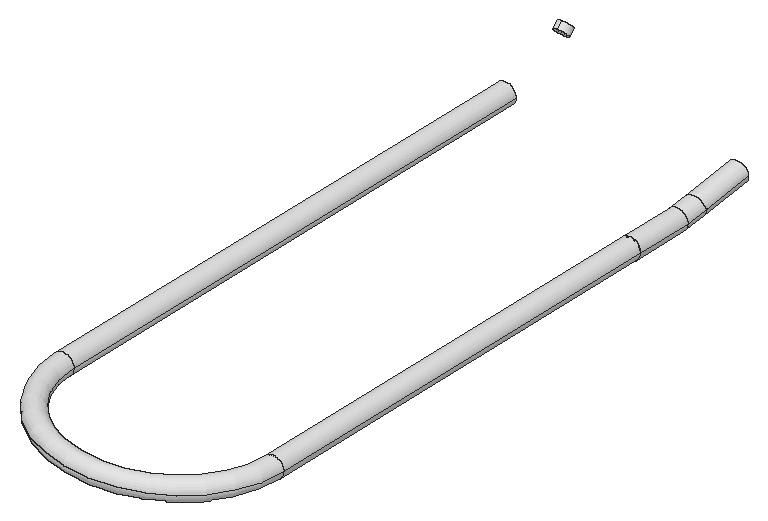
Revit family "Deca_Ducha higiênica com registro_Max_1984.34.ACT", category Plumbing Fixtures, host Face, Revit 2020 (continued)
Lines and regions (m)
  symbolic lines
    curve 445: arc (0, 0.06765, 0.055497) -> (0, 0.060313, 0.057907) -> (0, 0.052931, 0.060175) r 0.4
    curve 446: arc (0, 0.076132, 0.051018) -> (0, 0.072069, 0.053595) -> (0, 0.06765, 0.055497) r 0.03032
    curve 447: arc (-0.013605, 0.01894, 0) -> (-0.0228, 0, 0) -> (-0.012569, -0.018401, 0) r 0.022809
    curve 448: arc (0.012569, -0.018401, 0) -> (0.0228, 0, 0) -> (0.013605, 0.01894, 0) r 0.022809
    curve 449: arc (-0.012569, 0.00866, 0) -> (-0.014914, 0.000633, 0) -> (-0.012569, -0.007395, 0) r 0.014914
    curve 450: arc (0.012569, -0.007395, 0) -> (0.014914, 0.000633, 0) -> (0.012569, 0.00866, 0) r 0.014914
    curve 451: line (-0.011, 0.035392, 0) -> (-0.025, 0.035392, 0)
    curve 452: arc (-0.011, 0.035392, 0) -> (-0.008614, 0.035014, 0) -> (-0.006462, 0.033917, 0) r 0.007721
    curve 453: arc (-0.006462, 0.033917, 0) -> (-0.005409, 0.032703, 0) -> (-0.005, 0.031149, 0) r 0.003549
    curve 454: arc (-0.025, 0.035392, 0) -> (-0.025707, 0.035685, 0) -> (-0.026, 0.036392, 0) r 0.001
    curve 455: line (-0.026, 0.036392, 0) -> (-0.026, 0.045769, 0)
    curve 456: arc (-0.026, 0.045769, 0) -> (-0.025781, 0.046394, 0) -> (-0.025219, 0.046744, 0) r 0.001
    curve 457: arc (-0.025219, 0.046744, 0) -> (-0.017836, 0.048142, 0) -> (-0.010376, 0.049045, 0) r 0.112578
    curve 458: arc (-0.010376, 0.049045, 0) -> (-0.007256, 0.050116, 0) -> (-0.005, 0.052523, 0) r 0.006837
    curve 459: arc (0.026, 0.045769, 0) -> (0.025781, 0.046394, 0) -> (0.025219, 0.046744, 0) r 0.001
    curve 460: arc (0.025219, 0.046744, 0) -> (0.017836, 0.048142, 0) -> (0.010376, 0.049045, 0) r 0.112578
    curve 461: line (-0.005, 0.052523, 0) -> (-0.005, 0.060618, 0)
    curve 462: arc (-0.005, 0.060618, 0) -> (-0.00472, 0.061312, 0) -> (-0.004036, 0.061617, 0) r 0.001
    curve 463: arc (-0.004036, 0.061617, 0) -> (0, 0.06169, 0) -> (0.004036, 0.061617, 0) r 0.112608
    curve 464: arc (0.005, 0.060618, 0) -> (0.00472, 0.061312, 0) -> (0.004036, 0.061617, 0) r 0.001
    curve 465: line (0.005, 0.052523, 0) -> (0.005, 0.060618, 0)
    curve 466: line (0.011, 0.035392, 0) -> (0.025, 0.035392, 0)
    curve 467: arc (0.011, 0.035392, 0) -> (0.008614, 0.035014, 0) -> (0.006462, 0.033917, 0) r 0.007721
    curve 468: arc (0.006462, 0.033917, 0) -> (0.005409, 0.032703, 0) -> (0.005, 0.031149, 0) r 0.003549
    curve 469: arc (0.025, 0.035392, 0) -> (0.025707, 0.035685, 0) -> (0.026, 0.036392, 0) r 0.001
    curve 470: line (-0.005, 0.031149, 0) -> (-0.005, 0.021249, 0)
    curve 471: line (-0.004, 0.020542, 0) -> (0.004, 0.020542, 0)
    curve 472: line (0.005, 0.031149, 0) -> (0.005, 0.021249, 0)
    curve 473: arc (0.004, 0.020542, 0) -> (0.004612, 0.020737, 0) -> (0.005, 0.021249, 0) r 0.001061
    curve 474: arc (-0.004, 0.020542, 0) -> (-0.004612, 0.020737, 0) -> (-0.005, 0.021249, 0) r 0.001061
    curve 475: arc (-0.005, 0.025263, 0) -> (-0.004662, 0.025589, 0) -> (-0.004209, 0.025716, 0) r 0.000957
    curve 476: arc (-0.004215, 0.025716, 0) -> (0.000051, 0.025767, 0) -> (0.004316, 0.025716, 0) r 0.176365
    curve 477: arc (0.005, 0.025263, 0) -> (0.004662, 0.025589, 0) -> (0.004209, 0.025716, 0) r 0.000957
    curve 478: line (0.026, 0.045769, 0) -> (0.026, 0.036392, 0)
    curve 479: arc (0.010376, 0.049045, 0) -> (0.007256, 0.050116, 0) -> (0.005, 0.052523, 0) r 0.006837
    curve 480: arc (-0.008967, 0.035119, 0) -> (-0.012298, 0.0312, 0) -> (-0.014293, 0.026458, 0) r 0.01686
    curve 481: line (-0.014293, 0.026458, 0) -> (-0.014293, 0.020612, 0)
    curve 482: arc (-0.014293, 0.020612, 0) -> (-0.012511, 0.016865, 0) -> (-0.010056, 0.01352, 0) r 0.021941
    curve 483: arc (0.008967, 0.035119, 0) -> (0.012298, 0.0312, 0) -> (0.014293, 0.026458, 0) r 0.01686
    curve 484: line (0.014293, 0.026458, 0) -> (0.014293, 0.020612, 0)
    curve 485: arc (0.014293, 0.020612, 0) -> (0.012511, 0.016865, 0) -> (0.010056, 0.01352, 0) r 0.021941
    curve 486: arc (-0.010056, 0.01352, 0) -> (0, 0.010595, 0) -> (0.010056, 0.01352, 0) r 0.018751
    curve 487: arc (0.012569, 0.009467, 0) -> (-0.00011, 0.002278, 0) -> (-0.012569, 0.009844, 0) r 0.014396
    curve 488: line (-0.012569, 0.016961, 0) -> (-0.012569, -0.021372, 0)
    curve 489: line (-0.012569, -0.021372, 0) -> (0.012569, -0.021372, 0)
    curve 490: line (0.012569, -0.021372, 0) -> (0.012569, 0.016961, 0)
    curve 491: arc (-0.014293, 0.026458, 0) -> (-0.011744, 0.023176, 0) -> (-0.010128, 0.019347, 0) r 0.015968
    curve 492: arc (-0.010128, 0.019347, 0) -> (-0.004683, 0.019028, 0) -> (0.000051, 0.016319, 0) r 0.011932
    curve 493: arc (0.010088, 0.019371, 0) -> (0.004716, 0.019007, 0) -> (0.000051, 0.016319, 0) r 0.011932
    curve 494: arc (0.014272, 0.02655, 0) -> (0.011705, 0.023237, 0) -> (0.010088, 0.019371, 0) r 0.015968
    curve 495: line (0.010088, 0.019371, 0) -> (0.010088, 0.013555, 0)
    curve 496: line (0.000051, 0.016319, 0) -> (0.000051, 0.010595, 0)
    curve 497: line (-0.010128, 0.019347, 0) -> (-0.010056, 0.01352, 0)
    curve 498: line (-0.012336, -0.023482, 0) -> (0.012336, -0.023482, 0)
    curve 499: line (0.012336, -0.023482, 0) -> (0.012336, -0.031887, 0)
    curve 500: line (0.00702, -0.033318, 0) -> (0.012336, -0.031887, 0)
    curve 501: line (-0.007003, -0.033318, 0) -> (-0.012336, -0.031827, 0)
    curve 502: line (-0.012336, -0.031827, 0) -> (-0.012336, -0.023482, 0)
    curve 503: line (-0.010375, -0.021372, 0) -> (-0.010375, -0.023482, 0)
    curve 504: line (0.01037, -0.021372, 0) -> (0.01037, -0.023482, 0)
    curve 505: arc (0.012569, 0.011097, 0) -> (0.000011, 0.009232, 0) -> (-0.012569, 0.010944, 0) r 0.045044
    curve 506: line (-0.012336, -0.031827, 0) -> (0.012336, -0.031887, 0)
    curve 507: arc (-0.026, 0.040392, 0) -> (-0.018152, 0.042074, 0) -> (-0.010188, 0.043076, 0) r 0.093165
    curve 508: arc (-0.010188, 0.043076, 0) -> (-0.00608, 0.041781, 0) -> (-0.004048, 0.037984, 0) r 0.005703
    curve 509: line (-0.004048, 0.037984, 0) -> (-0.004048, 0.02572, 0)
    curve 510: arc (0.026, 0.040392, 0) -> (0.018152, 0.042074, 0) -> (0.010188, 0.043076, 0) r 0.093165
    curve 511: arc (0.010188, 0.043076, 0) -> (0.00608, 0.041781, 0) -> (0.004048, 0.037984, 0) r 0.005703
    curve 512: line (0.004048, 0.037984, 0) -> (0.004048, 0.025722, 0)
    curve 513: arc (0, 0.053095, 0.060496) -> (0, 0.057357, 0.054364) -> (0, 0.061056, 0.047877) r 0.083735
    curve 514: arc (0, 0.061056, 0.047877) -> (0, 0.060986, 0.047478) -> (0, 0.060764, 0.04714) r 0.001
    curve 515: line (0, 0.060764, 0.04714) -> (0, 0.056679, 0.043055)
    curve 516: line (0, 0.056679, 0.043055) -> (0, 0.055972, 0.043762)
    curve 517: line (0, 0.055972, 0.043762) -> (0, 0.046073, 0.053662)
    curve 518: line (0, 0.046073, 0.053662) -> (0, 0.04183, 0.057904)
    curve 519: line (0, 0.04183, 0.057904) -> (0, 0.041123, 0.058612)
    curve 520: line (0, 0.041123, 0.058612) -> (0, 0.035466, 0.064268)
    curve 521: line (0, 0.035466, 0.064268) -> (0, 0.034759, 0.064975)
    curve 522: line (0, 0.034759, 0.064975) -> (0, 0.030516, 0.069218)
    curve 523: line (0, 0.030516, 0.069218) -> (0, 0.020617, 0.079118)
    curve 524: line (0, 0.020617, 0.079118) -> (0, 0.01991, 0.079825)
    curve 525: line (0, 0.01991, 0.079825) -> (0, 0.023994, 0.08391)
    curve 526: arc (0, 0.023994, 0.08391) -> (0, 0.024772, 0.0842) -> (0, 0.025502, 0.083802) r 0.001
    curve 527: arc (0, 0.025502, 0.083802) -> (0, 0.031585, 0.08027) -> (0, 0.037351, 0.07624) r 0.083735
    curve 528: line (0, 0.027679, 0.061643) -> (0, 0.032781, 0.066953)
    curve 529: line (0, 0.038498, 0.050824) -> (0, 0.027679, 0.061643)
    curve 530: line (0, 0.043808, 0.055926) -> (0, 0.038498, 0.050824)
    curve 531: line (0, 0.015739, 0.059098) -> (0, 0.009963, 0.053321)
    curve 532: line (0, 0.011816, 0.049225) -> (0, 0.018714, 0.056123)
    curve 533: line (0, 0.018927, 0.042114) -> (0, 0.025825, 0.049012)
    curve 534: line (0, 0.032972, 0.041866) -> (0, 0.026073, 0.034967)
    curve 535: line (0, 0.035968, 0.038942) -> (0, 0.030134, 0.033108)
    curve 536: line (0, 0.03813, 0.047011) -> (0, 0.035968, 0.038942)
    curve 537: line (0, 0.015739, 0.059098) -> (0, 0.023866, 0.061276)
    curve 538: arc (0, 0.018714, 0.056123) -> (0, 0.023742, 0.05404) -> (0, 0.025825, 0.049012) r 0.007111
    curve 539: arc (0, 0.025825, 0.049012) -> (0, 0.030879, 0.046919) -> (0, 0.032972, 0.041866) r 0.007146
    curve 540: arc (0, 0.018714, 0.056123) -> (0, 0.018195, 0.058578) -> (0, 0.015739, 0.059098) r 0.002301
    curve 541: arc (0, 0.032972, 0.041866) -> (0, 0.035499, 0.041458) -> (0, 0.035968, 0.038942) r 0.002224
    curve 542: line (0, 0.009963, 0.053321) -> (0, 0.009963, 0.051078)
    curve 543: line (0, 0.009963, 0.051078) -> (0, 0.027933, 0.033108)
    curve 544: line (0, 0.027933, 0.033108) -> (0, 0.030134, 0.033108)
    curve 545: line (0, 0.010564, 0.050477) -> (0, 0.008754, 0.048667)
    curve 546: line (0, 0.034759, 0.064975) -> (0, 0.041445, 0.071661)
    curve 547: line (0, 0.038557, 0.068773) -> (0, 0.045628, 0.061702)
    curve 548: line (0, 0.048516, 0.06459) -> (0, 0.04183, 0.057904)
    curve 549: line (0, 0.028696, 0.060626) -> (0, 0.026606, 0.058536)
    curve 550: line (0, 0.03748, 0.051841) -> (0, 0.03539, 0.049751)
    curve 551: line (0, 0.023866, 0.061276) -> (0, 0.03813, 0.047011)
    curve 552: line (0, 0.018954, 0.024192) -> (0, 0.019955, 0.018516)
    curve 553: line (0, 0.019955, 0.018516) -> (0, 0.053468, 0.026096)
    curve 554: line (0, 0.053468, 0.026096) -> (0, 0.076793, 0.033067)
    curve 555: line (0, 0.053468, 0.026096) -> (0, 0.049332, 0.049553)
    curve 556: line (0, 0.049332, 0.049553) -> (0, 0.037238, 0.047904)
    curve 557: line (0, 0.049332, 0.049553) -> (0, 0.050182, 0.049553)
    curve 558: line (0, 0.081864, 0.061763) -> (0, 0.081338, 0.05881)
    curve 559: line (0, 0.081338, 0.05881) -> (0, 0.092775, 0.059013)
    curve 560: arc (0, 0.076132, 0.051018) -> (0, 0.082344, 0.045458) -> (0, 0.086701, 0.038349) r 0.028764
    curve 561: line (0, 0.076793, 0.033067) -> (0, 0.087714, 0.009781)
    curve 562: line (0, -0.023873, 0.03382) -> (0, -0.03382, 0.03382)
    curve 563: line (0, -0.0413, 0.027) -> (0, -0.5463, 0.027)
    curve 564: line (0, 0.010356, 0.03799) -> (0, 0.009521, 0.035719)
    curve 565: line (-0.02258, 0, 0.002983) -> (-0.014675, 0, 0.012746)
    curve 566: line (-0.014675, 0, 0.012746) -> (0.014675, 0, 0.012746)
    curve 567: line (0.014675, 0, 0.012746) -> (0.02258, 0, 0.002983)
    curve 568: line (0.022402, 0, 0.003202) -> (-0.022402, 0, 0.003202)
    curve 569: line (0.02258, 0, 0) -> (-0.02258, 0, 0)
    curve 570: line (0.02258, 0, 0.002983) -> (0.02258, 0, 0)
    curve 571: line (-0.02258, 0, 0) -> (-0.02258, 0, 0.002983)
    curve 572: line (0.012499, 0, 0.039445) -> (0.012499, 0, 0.012931)
    curve 573: line (-0.012505, 0, 0.012746) -> (-0.012505, 0, 0.03525)
    curve 574: arc (0.012499, 0, 0.022639) -> (0.010873, 0, 0.018448) -> (0.007492, 0, 0.015488) r 0.009423
    curve 575: arc (0.007492, 0, 0.015488) -> (0.004003, 0, 0.014184) -> (0.000305, 0, 0.013751) r 0.015475
    curve 576: arc (-0.012505, 0, 0.022599) -> (-0.010873, 0, 0.018432) -> (-0.007503, 0, 0.015488) r 0.009423
    curve 577: arc (-0.007503, 0, 0.015488) -> (-0.004015, 0, 0.014184) -> (-0.000316, 0, 0.013751) r 0.015475
    curve 578: arc (0.012499, 0, 0.022639) -> (0.006548, 0, 0.02081) -> (0.000332, 0, 0.020466) r 0.02571
    curve 579: arc (-0.012505, 0, 0.022641) -> (-0.006552, 0, 0.020811) -> (-0.000332, 0, 0.020466) r 0.02571
    curve 580: arc (0.181862, 0, 0.027839) -> (0.176477, 0, 0.017688) -> (0.18234, 0, 0.007805) r 0.011735
    curve 581: arc (0.178874, 0, 0.028141) -> (0.172989, 0, 0.018566) -> (0.177184, 0, 0.00814) r 0.012486
    curve 582: arc (0.175549, 0, 0.028077) -> (0.169124, 0, 0.019267) -> (0.173227, 0, 0.009165) r 0.011208
    curve 583: arc (0.172349, 0, 0.028795) -> (0.165944, 0, 0.019744) -> (0.169407, 0, 0.00921) r 0.012321
    curve 584: arc (0.168588, 0, 0.029169) -> (0.161493, 0, 0.019979) -> (0.165464, 0, 0.00907) r 0.012037
    curve 585: arc (0.162847, 0, 0.0294) -> (0.157001, 0, 0.01996) -> (0.160756, 0, 0.00951) r 0.012771
    curve 586: arc (0.159679, 0, 0.028887) -> (0.154656, 0, 0.019827) -> (0.157427, 0, 0.009844) r 0.013675
    curve 587: arc (0.156926, 0, 0.030316) -> (0.149882, 0, 0.02114) -> (0.153745, 0, 0.010237) r 0.012118
    curve 588: arc (0.150511, 0, 0.030649) -> (0.144905, 0, 0.0214) -> (0.147645, 0, 0.010938) r 0.013868
    curve 589: arc (0.143967, 0, 0.031192) -> (0.141101, 0, 0.021651) -> (0.14158, 0, 0.0117) r 0.029448
    curve 590: arc (0.139736, 0, 0.031608) -> (0.135498, 0, 0.022235) -> (0.137138, 0, 0.012079) r 0.017845
    curve 591: arc (0.136271, 0, 0.03097) -> (0.133318, 0, 0.021934) -> (0.134676, 0, 0.012525) r 0.020889
    curve 592: arc (0.133129, 0, 0.032196) -> (0.129337, 0, 0.022703) -> (0.130903, 0, 0.012601) r 0.019375
    curve 593: arc (0.123491, 0, 0.012975) -> (0.123196, 0, 0.023061) -> (0.125581, 0, 0.032865) r 0.037768
    curve 594: arc (0.119466, 0, 0.033412) -> (0.116974, 0, 0.023663) -> (0.117944, 0, 0.013649) r 0.029158
    curve 595: arc (0.112149, 0, 0.034063) -> (0.110691, 0, 0.024061) -> (0.110691, 0, 0.013954) r 0.069841
    curve 596: arc (0.104435, 0, 0.034749) -> (0.103467, 0, 0.024791) -> (0.102692, 0, 0.014817) r 0.515064
    curve 597: arc (0.096386, 0, 0.035611) -> (0.096067, 0, 0.025458) -> (0.094593, 0, 0.015408) r 0.088982
    curve 598: arc (0.089315, 0, 0.036559) -> (0.089878, 0, 0.026564) -> (0.087614, 0, 0.016812) r 0.035314
    curve 599: arc (0.082343, 0, 0.036714) -> (0.083569, 0, 0.026365) -> (0.08056, 0, 0.016387) r 0.025548
    curve 600: arc (0.07545, 0, 0.037327) -> (0.077331, 0, 0.027125) -> (0.073707, 0, 0.017403) r 0.019476
    curve 601: arc (0.068683, 0, 0.037929) -> (0.07162, 0, 0.0277) -> (0.067288, 0, 0.017978) r 0.015547
    curve 602: arc (0.062077, 0, 0.038517) -> (0.064771, 0, 0.028051) -> (0.062077, 0, 0.017585) r 0.021681
    curve 603: arc (0.055665, 0, 0.039087) -> (0.057965, 0, 0.028902) -> (0.05427, 0, 0.019136) r 0.018147
    curve 604: arc (0.050803, 0, 0.039174) -> (0.052279, 0, 0.028918) -> (0.048366, 0, 0.019323) r 0.019775
    curve 605: arc (0.044175, 0, 0.040341) -> (0.049255, 0, 0.029961) -> (0.042718, 0, 0.020431) r 0.011466
    curve 606: arc (0.038785, 0, 0.020663) -> (0.043513, 0, 0.030468) -> (0.039778, 0, 0.040693) r 0.013986
    curve 607: arc (0.033454, 0, 0.021137) -> (0.03859, 0, 0.030799) -> (0.034853, 0, 0.041084) r 0.013463
    curve 608: arc (0.029057, 0, 0.021682) -> (0.034136, 0, 0.031717) -> (0.028706, 0, 0.041566) r 0.012035
    curve 609: arc (0.024196, 0, 0.022042) -> (0.03123, 0, 0.031225) -> (0.025909, 0, 0.041496) r 0.010789
    curve 610: arc (0.019936, 0, 0.022313) -> (0.027434, 0, 0.031878) -> (0.020964, 0, 0.042166) r 0.010561
    curve 611: arc (0.015076, 0, 0.022882) -> (0.023551, 0, 0.031812) -> (0.017167, 0, 0.04234) r 0.010143
    curve 612: arc (0.012499, 0, 0.022639) -> (0.019274, 0, 0.030975) -> (0.016561, 0, 0.04137) r 0.011886
    curve 613: arc (0.012499, 0, 0.026376) -> (0.01506, 0, 0.031768) -> (0.014874, 0, 0.037734) r 0.012696
    curve 614: arc (0.182974, 0, 0.027726) -> (0.099931, 0, 0.035625) -> (0.016796, 0, 0.042485) r 6.678176
    curve 615: arc (0.182974, 0, 0.007768) -> (0.162242, 0, 0.009367) -> (0.14158, 0, 0.0117) r 0.586123
    curve 616: arc (0.14158, 0, 0.0117) -> (0.101846, 0, 0.014879) -> (0.062077, 0, 0.017585) r 3.346225
    curve 617: arc (0.062077, 0, 0.017585) -> (0.037238, 0, 0.019621) -> (0.012499, 0, 0.022639) r 0.629156
    curve 618: line (0.216974, 0, 0) -> (0.182974, 0, 0)
    curve 619: line (0.216974, 0, 0) -> (0.216974, 0, 0.027726)
    curve 620: line (0.182974, 0, 0.027726) -> (0.182974, 0, 0)
    curve 621: arc (0.216974, 0, 0.027726) -> (0.216555, 0, 0.031404) -> (0.215322, 0, 0.034894) r 0.016376
    curve 622: arc (0.215322, 0, 0.034894) -> (0.214271, 0, 0.036711) -> (0.212974, 0, 0.038362) r 0.014776
    curve 623: arc (0.182974, 0, 0.027726) -> (0.183392, 0, 0.031404) -> (0.184625, 0, 0.034894) r 0.016376
    curve 624: arc (0.184625, 0, 0.034894) -> (0.185676, 0, 0.036711) -> (0.186974, 0, 0.038361) r 0.014776
    curve 625: line (0.212974, 0, 0.039112) -> (0.212974, 0, 0.016132)
    curve 626: line (0.186974, 0, 0.016132) -> (0.186974, 0, 0.039112)
    curve 627: line (0.194974, 0, 0.06181) -> (0.194974, 0, 0.066641)
    curve 628: line (0.194974, 0, 0.066641) -> (0.204974, 0, 0.066641)
    curve 629: line (0.204974, 0, 0.066641) -> (0.204974, 0, 0.06181)
    curve 630: line (0.207974, 0, 0.043466) -> (0.207974, 0, 0.05881)
    curve 631: line (0.207974, 0, 0.05881) -> (0.207974, 0, 0.063369)
    curve 632: arc (0.207974, 0, 0.063369) -> (0.207193, 0, 0.065665) -> (0.204974, 0, 0.066641) r 0.003011
    curve 633: arc (0.191974, 0, 0.063891) -> (0.192939, 0, 0.06585) -> (0.194974, 0, 0.066641) r 0.003011
    curve 634: line (0.191974, 0, 0.063891) -> (0.191974, 0, 0.043466)
    curve 635: line (0.207974, 0, 0.05881) -> (0.191974, 0, 0.05881)
    curve 636: line (0.199974, 0, 0.060008) -> (0.199974, 0, 0.046118)
    curve 637: arc (0.207974, 0, 0.05881) -> (0.207095, 0, 0.060931) -> (0.204974, 0, 0.06181) r 0.003
    curve 638: arc (0.191974, 0, 0.05881) -> (0.192852, 0, 0.060931) -> (0.194974, 0, 0.06181) r 0.003
    curve 639: arc (0.202742, 0, 0.060284) -> (0.201366, 0, 0.060063) -> (0.199974, 0, 0.060008) r 0.011649
    curve 640: arc (0.204974, 0, 0.06181) -> (0.204799, 0, 0.061237) -> (0.204334, 0, 0.06086) r 0.001024
    curve 641: arc (0.204334, 0, 0.06086) -> (0.203567, 0, 0.06049) -> (0.202742, 0, 0.060284) r 0.004125
    curve 642: arc (0.197205, 0, 0.060284) -> (0.198581, 0, 0.060063) -> (0.199974, 0, 0.060008) r 0.011649
    curve 643: arc (0.194974, 0, 0.06181) -> (0.195148, 0, 0.061237) -> (0.195613, 0, 0.06086) r 0.001024
    curve 644: arc (0.195613, 0, 0.06086) -> (0.19638, 0, 0.06049) -> (0.197205, 0, 0.060284) r 0.004125
    curve 645: arc (0.205568, 0, 0.044098) -> (0.208812, 0, 0.043137) -> (0.211746, 0, 0.041451) r 0.01453
    curve 646: arc (0.211746, 0, 0.041451) -> (0.212627, 0, 0.040422) -> (0.212974, 0, 0.039112) r 0.003039
    curve 647: arc (0.194379, 0, 0.044098) -> (0.191135, 0, 0.043137) -> (0.188201, 0, 0.041451) r 0.01453
    curve 648: arc (0.188201, 0, 0.041451) -> (0.18732, 0, 0.040422) -> (0.186974, 0, 0.039112) r 0.003039
    curve 649: line (0.205751, 0, 0.043595) -> (0.205751, 0, 0.036352)
    curve 650: arc (0.204788, 0, 0.035629) -> (0.199973, 0, 0.036016) -> (0.195159, 0, 0.035629) r 0.030102
    curve 651: arc (0.204788, 0, 0.035629) -> (0.205424, 0, 0.035785) -> (0.205751, 0, 0.036352) r 0.000836
    curve 652: arc (0.195159, 0, 0.035629) -> (0.194523, 0, 0.035785) -> (0.194196, 0, 0.036352) r 0.000836
    curve 653: line (0.194196, 0, 0.043595) -> (0.194196, 0, 0.036352)
    curve 654: line (0.205751, 0, 0.043595) -> (0.205474, 0, 0.044359)
    curve 655: line (0.205474, 0, 0.044359) -> (0.205474, 0, 0.045168)
    curve 656: line (0.194196, 0, 0.043595) -> (0.194473, 0, 0.044359)
    curve 657: line (0.194473, 0, 0.044359) -> (0.194473, 0, 0.045168)
    curve 658: arc (0.205159, 0, 0.045642) -> (0.199973, 0, 0.046118) -> (0.194788, 0, 0.045642) r 0.028514
    curve 659: spline (0.211961, 0, 0.009416) -> (0.211553, 0, 0.010694) -> (0.210355, 0, 0.011884) -> (0.20845, 0, 0.012906) -> (0.205967, 0, 0.013691) -> (0.203076, 0, 0.014184) -> (0.199973, 0, 0.014352) -> (0.196871, 0, 0.014184) -> (0.19398, 0, 0.013691) -> (0.191497, 0, 0.012906) -> (0.189592, 0, 0.011884) -> (0.188394, 0, 0.010694) -> (0.187986, 0, 0.009416) -> (0.188394, 0, 0.008139) -> (0.189592, 0, 0.006948) -> (0.191497, 0, 0.005926) -> (0.19398, 0, 0.005142) -> (0.196871, 0, 0.004649) -> (0.199973, 0, 0.004481) -> (0.203076, 0, 0.004649) -> (0.205967, 0, 0.005142) -> (0.20845, 0, 0.005926) -> (0.210355, 0, 0.006948) -> (0.211553, 0, 0.008139) -> (0.211961, 0, 0.009416)
    curve 660: arc (0.21036, 0, 0.006952) -> (0.211706, 0, 0.008234) -> (0.212415, 0, 0.009953) r 0.004474
    curve 661: line (0.212415, 0, 0.009953) -> (0.212978, 0, 0.013014)
    curve 662: arc (0.212978, 0, 0.013014) -> (0.213027, 0, 0.013824) -> (0.212878, 0, 0.014622) r 0.003334
    curve 663: arc (0.212878, 0, 0.014622) -> (0.212939, 0, 0.015376) -> (0.212974, 0, 0.016132) r 0.021296
    curve 664: line (0.187532, 0, 0.009953) -> (0.186969, 0, 0.013014)
    curve 665: arc (0.186969, 0, 0.013014) -> (0.18692, 0, 0.013824) -> (0.187069, 0, 0.014622) r 0.003334
    curve 666: arc (0.189587, 0, 0.006952) -> (0.188241, 0, 0.008234) -> (0.187532, 0, 0.009953) r 0.004474
    curve 667: arc (0.212878, 0, 0.014622) -> (0.199973, 0, 0.018558) -> (0.187069, 0, 0.014622) r 0.023122
    curve 668: arc (0.187069, 0, 0.014622) -> (0.187008, 0, 0.015376) -> (0.186974, 0, 0.016132) r 0.021296
    curve 669: arc (0.211062, 0, 0.041929) -> (0.20971, 0, 0.044341) -> (0.207974, 0, 0.046492) r 0.016432
    curve 670: arc (0.188885, 0, 0.041929) -> (0.190237, 0, 0.044341) -> (0.191974, 0, 0.046492) r 0.016432
    curve 671: line (0.005, 0, 0.075447) -> (0.005, 0, 0.083131)
    curve 672: arc (0.005, 0, 0.083131) -> (0.004724, 0, 0.083821) -> (0.004048, 0, 0.08413) r 0.001
    curve 673: arc (0.004048, 0, 0.08413) -> (0, 0, 0.084202) -> (-0.004048, 0, 0.08413) r 0.112532
    curve 674: line (-0.005, 0, 0.075447) -> (-0.005, 0, 0.083131)
    curve 675: arc (-0.005, 0, 0.083131) -> (-0.004724, 0, 0.083821) -> (-0.004048, 0, 0.08413) r 0.001
    curve 676: line (0.026, 0, 0.058612) -> (0.026, 0, 0.068281)
    curve 677: arc (0.025219, 0, 0.069257) -> (0.018803, 0, 0.070494) -> (0.012329, 0, 0.071368) r 0.116184
    curve 678: arc (0.005, 0, 0.075447) -> (0.006295, 0, 0.073522) -> (0.008219, 0, 0.072228) r 0.006043
    curve 679: arc (0.008219, 0, 0.072228) -> (0.010252, 0, 0.071695) -> (0.012329, 0, 0.071368) r 0.02097
    curve 680: arc (-0.025219, 0, 0.069257) -> (-0.018803, 0, 0.070494) -> (-0.012329, 0, 0.071368) r 0.116184
    curve 681: arc (-0.005, 0, 0.075447) -> (-0.006295, 0, 0.073522) -> (-0.008219, 0, 0.072228) r 0.006043
    curve 682: arc (-0.008219, 0, 0.072228) -> (-0.010252, 0, 0.071695) -> (-0.012329, 0, 0.071368) r 0.02097
    curve 683: arc (0.026, 0, 0.068281) -> (0.025781, 0, 0.068907) -> (0.025219, 0, 0.069257) r 0.000998
    curve 684: line (-0.026, 0, 0.058612) -> (-0.026, 0, 0.068281)
    curve 685: arc (-0.026, 0, 0.068281) -> (-0.025781, 0, 0.068907) -> (-0.025219, 0, 0.069257) r 0.000998
    curve 686: arc (0.026, 0, 0.058612) -> (0.025683, 0, 0.057999) -> (0.025, 0, 0.057904) r 0.00075
    curve 687: line (0.025, 0, 0.057904) -> (0.011, 0, 0.057904)
    curve 688: arc (0.011, 0, 0.057904) -> (0.008614, 0, 0.057526) -> (0.006462, 0, 0.05643) r 0.007721
    curve 689: arc (0.006462, 0, 0.05643) -> (0.005409, 0, 0.055216) -> (0.005, 0, 0.053662) r 0.003549
    curve 690: line (0.005, 0, 0.053662) -> (0.005, 0, 0.043946)
    curve 691: arc (-0.026, 0, 0.058612) -> (-0.025683, 0, 0.057999) -> (-0.025, 0, 0.057904) r 0.00075
    curve 692: line (-0.025, 0, 0.057904) -> (-0.011, 0, 0.057904)
    curve 693: arc (-0.011, 0, 0.057904) -> (-0.008614, 0, 0.057526) -> (-0.006462, 0, 0.05643) r 0.007721
    curve 694: arc (-0.006462, 0, 0.05643) -> (-0.005409, 0, 0.055216) -> (-0.005, 0, 0.053662) r 0.003549
    curve 695: line (-0.005, 0, 0.053662) -> (-0.005, 0, 0.043884)
    curve 696: line (0.00399, 0, 0.043055) -> (-0.004, 0, 0.043055)
    curve 697: arc (-0.005, 0, 0.043884) -> (-0.004649, 0, 0.043289) -> (-0.004, 0, 0.043055) r 0.001018
    curve 698: arc (0.005, 0, 0.043946) -> (0.004664, 0, 0.04331) -> (0.00399, 0, 0.043055) r 0.001018
    curve 699: line (0.014293, 0, 0.043236) -> (0.014293, 0, 0.049012)
    curve 700: line (0.014293, 0, 0.049012) -> (0.011842, 0, 0.054517)
    curve 701: line (0.011842, 0, 0.054517) -> (0.008781, 0, 0.057579)
    curve 702: line (-0.014303, 0, 0.043236) -> (-0.014303, 0, 0.049012)
    curve 703: line (-0.014303, 0, 0.049012) -> (-0.011852, 0, 0.054517)
    curve 704: line (-0.011852, 0, 0.054517) -> (-0.008788, 0, 0.057581)
    curve 705: line (-0.014303, 0, 0.043236) -> (-0.012463, 0, 0.039445)
    curve 706: line (0.014293, 0, 0.043236) -> (0.012573, 0, 0.039546)
    curve 707: arc (0.026, 0, 0.062625) -> (0.025731, 0, 0.063032) -> (0.025302, 0, 0.063264) r 0.001005
    curve 708: arc (0.025302, 0, 0.063264) -> (0.017724, 0, 0.064663) -> (0.010077, 0, 0.065609) r 0.129415
    curve 709: arc (0.010077, 0, 0.065609) -> (0.005987, 0, 0.064321) -> (0.004048, 0, 0.060496) r 0.005527
    curve 710: line (0.004048, 0, 0.060496) -> (0.004048, 0, 0.048235)
    curve 711: arc (-0.026, 0, 0.062651) -> (-0.02573, 0, 0.063041) -> (-0.025312, 0, 0.063264) r 0.001005
    curve 712: arc (-0.025312, 0, 0.063264) -> (-0.017773, 0, 0.064657) -> (-0.010165, 0, 0.065602) r 0.129415
    curve 713: arc (-0.010165, 0, 0.065602) -> (-0.006047, 0, 0.064322) -> (-0.004058, 0, 0.060496) r 0.005602
    curve 714: line (-0.004058, 0, 0.060496) -> (-0.004058, 0, 0.048235)
    curve 715: line (-0.005, 0, 0.048235) -> (0.005, 0, 0.048235)
    curve 716: arc (0.014293, 0, 0.049012) -> (0.011728, 0, 0.045729) -> (0.010107, 0, 0.041891) r 0.01587
    curve 717: arc (0.010107, 0, 0.041891) -> (0.004732, 0, 0.041562) -> (0, 0, 0.038993) r 0.012441
    curve 718: arc (0, 0, 0.038993) -> (-0.004728, 0, 0.041575) -> (-0.010107, 0, 0.041891) r 0.012311
    curve 719: arc (-0.010107, 0, 0.041891) -> (-0.011586, 0, 0.045816) -> (-0.014303, 0, 0.049012) r 0.01225
    curve 720: line (0.010107, 0, 0.041891) -> (0.010107, 0, 0.036859)
    curve 721: line (0, 0, 0.038993) -> (0, 0, 0.033117)
    curve 722: line (-0.010107, 0, 0.041891) -> (-0.010107, 0, 0.03689)
    curve 723: arc (0.012573, 0, 0.039546) -> (0.000081, 0, 0.033117) -> (-0.012463, 0, 0.039445) r 0.015473
Dimensions and locks (m)
  aligned and locked: plane 2 to host face
  aligned and locked: level to host face
Connectors (m)
  piping at (0, 0, 0), diameter 0.015, driven by "Raio Água Fria"
    settings: on free form element, index 1, connector inside diameter 609.6 mm, connector length 0.00 m, flow factor 0, pipe flow 0.0 L/s, pressure drop 0.0 Pa, fitting loss kfactor 0, connector angle 0.00°, fixture units 0, engagement length 0.00 m, angle of deflection 0.00°, flow configuration 0, flow direction 0, fitting loss method 0, system type 20, joint type 0, gender type 0, connector reference index -1, connector utility 0, adjustable connector no, is connector primary yes, connector description ""
